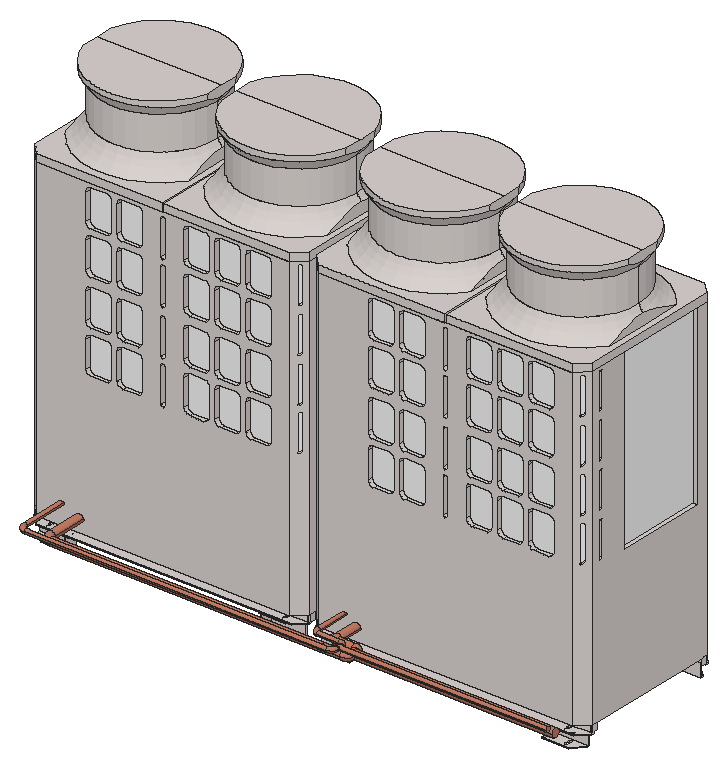
Revit family "PUHY-P700YSNW-A1", category Mechanical Equipment, Revit 2016 (continued)
Definition of nested family "PUHY-P350YNW-A1"
  Dimensions and locks
    cut or joined group 1 (Extrusion 1, Extrusion 2, Extrusion 3, Extrusion 4, Extrusion 5, Extrusion 6, Extrusion 7, Extrusion 8, Extrusion 9, Extrusion 10, Extrusion 11, Extrusion 12, Extrusion 13, Extrusion 14, Extrusion 15, Extrusion 16, Extrusion 17, Extrusion 18, Extrusion 19, Extrusion 20, Extrusion 21, Extrusion 22, Extrusion 23, Extrusion 24, Extrusion 25, Extrusion 26, Extrusion 27, Extrusion 28, Extrusion 29, Extrusion 30, Extrusion 31, Extrusion 32, Extrusion 33) to plane 12 to cut or joined group 1 = 805.000 mm, 621.000 mm
    plane 5 to plane 2 = 1858.000 mm  (x2)
    cut or joined group 1 to plane 19 "132" = 132.000 mm
    cut or joined group 1 to plane 22 = 207.000 mm
    cut or joined group 1 to plane 23 = 256.000 mm
    cut or joined group 1 to plane 6 = 60.000 mm
    cut or joined group 1 to cut or joined group 1 = 42.154 mm
    cut or joined group 1 to cut or joined group 1 = 11.895 mm
    nested 1 to nested 3 to level = 1798.000 mm, 60.000 mm
    nested 1 to nested 1 = 303.000 mm
    nested 1 to nested 3 = 1495.000 mm
    nested 8 to nested 8 to nested 8 to nested 7 to nested 7 to nested 7 = 54.000 mm, 20.000 mm, 592.000 mm, 20.000 mm, 54.000 mm
    nested 3 to nested 3 = 56.000 mm
    plane 11 to plane 31 to plane 32 to cut or joined group 1 = 90.000 mm, 1060.000 mm, 90.000 mm
    curve 103 to nested 7 = 90.000 mm
    curve 104 to nested 7 = 125.000 mm
    curve 101 to nested 7 = 100.000 mm
    curve 11 to curve 13 to nested 7 = 84.000 mm, 71.000 mm
    cut or joined group 1 to curve 12 to curve 14 = 125.000 mm, 148.000 mm
    nested 2 to nested 7 = 1495.000 mm
    curve 87 to cut or joined group 1 = 152.000 mm
    curve 88 to cut or joined group 1 = 172.000 mm
    curve 89 to cut or joined group 1 = 216.000 mm
    cut or joined group 1 to curve 4 to curve 2 = 128.000 mm, 150.000 mm
    cut or joined group 1 to curve 1 to curve 3 = 79.000 mm, 94.000 mm
    Extrusion 32 sketch curve to nested 7 = 116.000 mm
    cut or joined group 1 to Extrusion 32 sketch curve = 160.000 mm
    cut or joined group 1 to Extrusion 33 sketch curve = 243.000 mm
    Extrusion 33 sketch curve to nested 7 = 116.000 mm
    cut or joined group 1 to cut or joined group 1 = 740.000 mm
    plane 30 to plane 4 = 740.000 mm
    aligned and locked: level to plane 2
    aligned and locked: Extrusion 1 to plane 4
  Nested families
    nested 1: "FAN GUARD" at (-311.5, 2, 860), type "FAN GUARD"
      with WIDTH 870.000 mm
    nested 2: "FAN GUARD" at (311.5, 2, 860) x (-1, 0, 0) z (0, 0, 1), type "FAN GUARD"
      with WIDTH 870.000 mm
    nested 3: "ATTACHMENT LEG" at (-524, -349, 0), type "ATTACHMENT LEG"
    nested 4: "ATTACHMENT LEG" at (-524, 349, 0), type "ATTACHMENT LEG"
    nested 5: "ATTACHMENT LEG" at (524, -349, 0) x (-1, 0, 0) z (0, 0, 1), type "ATTACHMENT LEG"
    nested 6: "ATTACHMENT LEG" at (524, 349, 0) x (-1, 0, 0) z (0, 0, 1), type "ATTACHMENT LEG"
    nested 7: "BASE LEG_L_" at (0, -352, 60), type "BASE LEG_L_"
      with Width 1240.000 mm
    nested 8: "BASE LEG_L_" at (0, 352, 60), type "BASE LEG_L_"
      with Width 1240.000 mm
  Connectors
    piping at (-460, -191, 176), diameter 25.4, driven by "Liquid pipe_radius"
      settings: on cut or joined group 1, index 3, connector inside diameter 25.4 mm, connector length 0.000 mm, flow factor 0, pipe flow 0.0 L/s, pressure drop 0.0 Pa, fitting loss kfactor 0, connector angle 0.00°, fixture units 0, engagement length 0.000 mm, angle of deflection 0.00°, flow configuration 0, flow direction 0, fitting loss method 0, system type 22, joint type 0, gender type 0, connector reference index -1, connector utility 0, adjustable connector no, is connector primary yes, connector description "Refrigerant service valve<Liquid pipe>"
    piping at (-377, -191, 176), diameter 28.58, driven by "Gas pipe_radius"
      settings: on cut or joined group 1, index 4, connector inside diameter 28.58 mm, connector length 0.000 mm, flow factor 0, pipe flow 0.0 L/s, pressure drop 0.0 Pa, fitting loss kfactor 0, connector angle 0.00°, fixture units 0, engagement length 0.000 mm, angle of deflection 0.00°, flow configuration 0, flow direction 0, fitting loss method 0, system type 22, joint type 0, gender type 0, connector reference index -1, connector utility 0, adjustable connector no, is connector primary no, connector description "Refrigerant service valve<Gas>"
    electrical at (0, -370, 808)
      settings: on cut or joined group 1, index 5, voltage 0 V, apparent load 0 VA, apparent load phase1 0 VA, apparent load phase2 0 VA, apparent load phase3 0 VA, power factor 1, load classification none, number of poles 1, system type 30, power factor state 1, is connector primary yes, connector utility no, sub classification motor no, connector description ""
  Definition of nested family "FAN GUARD"
    Parameters
      WIDTH [instance] = 870.000 mm
    Reference planes
      plane 1 "中心(正面/背面)": y = -2
      plane 2: z = 0
      plane 3 "ファンガード基準面": z = 661
      plane 4: y = 368
      plane 5: x = 366
      plane 6: x = -375
      plane 7 "ファンガード基準上面": z = 695
      plane 8 "ファンガード上面": z = 998
      plane 9: x = -273.971
      plane 10: x = 308.5
      plane 11: x = -308.5
      plane 12: x = 0
    Forms (mm)
      Extrusion 1, solid
        sketch origin (85, 0, 661) x (-1, 0, 0) y (0, -1, 0)
          loop
            line (343.5, -368) -> (393.5, -318) -> (393.5, 322) -> (343.5, 372) -> (-223.5, 372) -> (-223.5, -368) -> (343.5, -368)
        from 0 to 34
      Revolve 2, solid
        sketch origin (0, -2, 0) x (1, 0, 0) y (0, 0, 1)
          loop
            line (0, 695) -> (0, 998) -> (-290, 998) -> (-290, 972.327) -> (-260, 928.372) -> (-260, 777.384)
            arc (-260, 777.384) -> (-290.651, 730.137) -> (-334.665, 695) r 175.882
            line (-334.665, 695) -> (0, 695)
          axis (0, 998) -> (0, 695)
        angle from 0 to 360
      Extrusion 3, void
        sketch origin (-840, 75, 695) x (-1, 0, 0) y (0, -1, 0)
          loop
            line (-410, -165) -> (-410, 315) -> (-561.253, 315) -> (-561.253, -165) -> (-410, -165)
        from -35 to 430.592
      Extrusion 4, void
        sketch origin (840, 75, 695) x (1, 0, 0) y (0, 1, 0)
          loop
            line (-410, 165) -> (-561.253, 165) -> (-561.253, -315) -> (-410, -315) -> (-410, 165)
        from 0 to 430.592
    Cuts and joins
      Extrusion 3, Extrusion 4 cuts Revolve 2
      Extrusion 4 cuts Extrusion 1
    Lines and regions (mm)
      model lines
        curve 1: line (-278.747, 0, 998) -> (-80, 0, 998)
        curve 2: line (80, 0, 998) -> (278.747, 0, 998)
        curve 3: circle (0, 0, 998) r 80 normal (0, 0, 1)
        curve 4: line (-278.747, -80, 998) -> (278.747, -80, 998)
        curve 5: line (-241.868, -160, 998) -> (241.868, -160, 998)
        curve 6: line (-162.788, -240, 998) -> (162.788, -240, 998)
        curve 7: line (-278.747, 80, 998) -> (278.747, 80, 998)
        curve 8: line (-241.868, 160, 998) -> (240, 160, 998)
        curve 9: line (-160, 240, 998) -> (162.788, 240, 998)
        curve 10: line (0, 290, 998) -> (0, -290, 998)
        curve 11: line (-20, 289.31, 998) -> (-20, -289.31, 998)
        curve 12: line (-40, 287.228, 998) -> (-40, -287.228, 998)
        curve 13: line (-60, 283.725, 998) -> (-60, -283.725, 998)
        curve 14: line (-80, 278.747, 998) -> (-80, -278.747, 998)
        curve 15: line (20, 289.31, 998) -> (20, -289.31, 998)
        curve 16: line (40, 287.228, 998) -> (40, -287.228, 998)
        curve 17: line (60, 283.725, 998) -> (60, -283.725, 998)
        curve 18: line (80, 278.747, 998) -> (80, -278.747, 998)
        curve 19: line (100, 272.213, 998) -> (100, -272.213, 998)
        curve 20: line (120, 264.008, 998) -> (120, -264.008, 998)
        curve 21: line (140, 253.969, 998) -> (140, -253.969, 998)
        curve 22: line (160, 241.868, 998) -> (160, -243.132, 998)
        curve 23: line (180, 227.376, 998) -> (180, -227.624, 998)
        curve 24: line (200, 210, 998) -> (200, -210, 998)
        curve 25: line (220, 188.944, 998) -> (220, -188.944, 998)
        curve 26: line (240, 160, 998) -> (240, -162.788, 998)
        curve 27: line (260, 128.452, 998) -> (260, -128.452, 998)
        curve 28: line (-100, 272.213, 998) -> (-100, -272.213, 998)
        curve 29: line (-120, 264.008, 998) -> (-120, -264.008, 998)
        curve 30: line (-140, 253.969, 998) -> (-140, -253.969, 998)
        curve 31: line (-160, 240, 998) -> (-160, -241.868, 998)
        curve 32: line (-180, 227.376, 998) -> (-180, -227.376, 998)
        curve 33: line (-200, 210, 998) -> (-200, -210, 998)
        curve 34: line (-220, 188.944, 998) -> (-220, -188.944, 998)
        curve 35: line (-240, 162.788, 998) -> (-240, -162.788, 998)
        curve 36: line (-260, 128.452, 998) -> (-260, -128.452, 998)
        curve 37: line (10, 79.373, 998) -> (10, -79.373, 998)
        curve 38: line (-10, 79.373, 998) -> (-10, -79.373, 998)
        curve 39: line (30, 74.162, 998) -> (30, -74.162, 998)
        curve 40: line (50, 62.45, 998) -> (50, -62.45, 998)
        curve 41: line (70, 38.73, 998) -> (70, -38.73, 998)
        curve 42: line (-30, 74.162, 998) -> (-30, -74.162, 998)
        curve 43: line (-50, 62.45, 998) -> (-50, -62.45, 998)
        curve 44: line (-70, 38.73, 998) -> (-70, -38.73, 998)
    Dimensions and locks
      locked: plane 8 "ファンガード上面" to plane 7 "ファンガード基準上面" at 303
      plane 8 "ファンガード上面" to plane 3 "ファンガード基準面" = 337.000 mm
      Revolve 2 sketch curve to Revolve 2 sketch curve = 290.000 mm
      Extrusion 1 sketch curve to Extrusion 1 sketch curve = 740.000 mm
      equal spacing: Extrusion 1 sketch curve, plane 1 "中心(正面/背面)", Extrusion 1 sketch curve
      plane 6 to plane 5 = 741.000 mm
      Extrusion 1 sketch curve to Extrusion 1 sketch curve = 617.000 mm
      plane 11 to plane 10 = 617.000 mm
      cut or joined group of Extrusion 1, Extrusion 4 to cut or joined group of Extrusion 1, Extrusion 4 = 617.000 mm
      cut or joined group of Extrusion 1, Extrusion 4 to cut or joined group of Extrusion 1, Extrusion 4 = 740.000 mm
      aligned and locked: level to plane 2
      aligned and locked: plane 7 "ファンガード基準上面" to Extrusion 1
      aligned and locked: plane 3 "ファンガード基準面" to Extrusion 1
      aligned and locked: cut or joined group of Revolve 2, Extrusion 3, Extrusion 4 to plane 8 "ファンガード上面"
  Definition of nested family "ATTACHMENT LEG"
    Parameters
      Width = 145.000 mm
    Reference planes
      plane 1: z = 0
      plane 2 "中心(左/右)": x = -6
      plane 3: x = -52
      plane 4: x = 85
      plane 5: x = 93
      plane 6: y = -21
      plane 7: y = 27
      plane 8: x = -30
      plane 9: y = 39
      plane 10: z = 60
      plane 11: z = 57
      plane 12: z = 3
      plane 13: x = 82
      plane 14: y = 36
      plane 15: x = -75
      plane 16: y = 31
      plane 17 "幅": x = 93
      plane 18: y = 2.5
      plane 19: y = 21
      plane 20: y = -10
    Forms (mm)
      Extrusion 1, solid
        sketch origin (0, -1, 0) x (1, 0, 0) y (0, 1, 0)
          loop
            line (-75, 36) -> (-75, 27) -> (-28, -20) -> (93, -20) -> (93, 32) -> (85, 32) -> (85, 36) -> (-75, 36)
        from 0 to 60
      Extrusion 2, void
        sketch origin (0, -3, 0) x (1, 0, 0) y (0, 0, 1)
          loop
            line (-75, 57) -> (-75, 3) -> (82, 3) -> (82, 57) -> (-75, 57)
          loop
            line (93, 57) -> (85, 57) -> (85, 3) -> (93, 3) -> (93, 57)
        from -35 to 18
      Extrusion 3, void
        sketch origin (-6, 5.5, 0) x (1, 0, 0) y (0, 1, 0)
          loop
            arc (-7, -8.5) -> (0, -15.5) -> (7, -8.5) r 7
            line (7, -8.5) -> (7, 8.5)
            arc (7, 8.5) -> (0, 15.5) -> (-7, 8.5) r 7
            line (-7, 8.5) -> (-7, -8.5)
        from 0 to 60
    Cuts and joins
      Extrusion 2, Extrusion 3 cuts Extrusion 1
    Dimensions and locks
      locked: plane 3 to plane 4 at 137
      locked: plane 3 to plane 5 at 145
      plane 6 to plane 7 = 48.000 mm
      locked: plane 10 to level at 60
      Extrusion 3 sketch curve to plane 2 "中心(左/右)" = 7.000 mm
      locked: plane 15 to plane 2 "中心(左/右)" at 69
      locked: plane 15 to plane 8 at 45
      locked: plane 6 to plane 18 at 23.5
      cut or joined group of Extrusion 1, Extrusion 2, Extrusion 3 to cut or joined group of Extrusion 1, Extrusion 2, Extrusion 3 = 168.000 mm
      cut or joined group of Extrusion 1, Extrusion 2, Extrusion 3 to cut or joined group of Extrusion 1, Extrusion 2, Extrusion 3 = 56.000 mm  (x2)
      plane 14 to plane 6 = 57.000 mm
      aligned and locked: level to plane 1
      aligned and locked: Extrusion 1 sketch curve to plane 4
      aligned and locked: Extrusion 1 sketch curve to plane 5
      aligned: plane 8 to Extrusion 1 sketch curve
      aligned and locked: plane 10 to Extrusion 1
      aligned and locked: Extrusion 2 sketch curve to plane 11
      aligned: plane 3 to Extrusion 2 sketch curve
      aligned and locked: plane 12 to Extrusion 2 sketch curve
      aligned and locked: Extrusion 2 sketch curve to plane 13
      aligned and locked: plane 6 to Extrusion 2
      aligned and locked: plane 11 to Extrusion 2 sketch curve
      aligned and locked: plane 5 to Extrusion 2 sketch curve
      aligned and locked: Extrusion 2 sketch curve to plane 12
      aligned and locked: Extrusion 2 sketch curve to plane 4
      aligned and locked: plane 15 to Extrusion 1 sketch curve
      aligned and locked: Extrusion 2 sketch curve to cut or joined group of Extrusion 1, Extrusion 2, Extrusion 3
      aligned and locked: Extrusion 1 to plane 16
  Definition of nested family "BASE LEG_L_"
    Parameters
      Width [instance] = 1240.000 mm
    Reference planes
      plane 1 "中心(正面/背面)": y = 0
      plane 2: z = 0
      plane 3 "中心(左/右)": x = 0
      plane 4: x = 620
      plane 5: x = -620
      plane 6: x = -530
      plane 7: x = 530
      plane 8: y = -18
      plane 9: y = 39
      plane 10: z = 53
      plane 11: y = 42
      plane 12: y = 27
      plane 13: x = 575
      plane 14: x = -575
      plane 15: z = 8
      plane 16: y = 11.5
      plane 17: z = 35
    Forms (mm)
      Extrusion 1, solid
        sketch origin (0, 0, 0) x (0, 1, 0) y (0, 0, 1)
          loop
            line (-18, 0) -> (36, 0) -> (36, 32) -> (56, 32) -> (56, 35) -> (33, 35) -> (33, 3) -> (-18, 3) -> (-18, 0)
        from -620 to 620
      Extrusion 2, void
        sketch origin (0, 0, 0) x (1, 0, 0) y (0, 1, 0)
          loop
            line (575, -18) -> (620, -18) -> (620, 27) -> (575, -18)
          loop
            line (-575, -18) -> (-620, 27) -> (-620, -18) -> (-575, -18)
        from 0 to 250
      Extrusion 3, void
        sketch origin (0, 12.023, 0) x (1, 0, 0) y (0, 1, 0)
          loop
            arc (523, -2.971) -> (530, -9.971) -> (537, -2.971) r 7
            line (537, -2.971) -> (537, 3.023)
            arc (537, 3.023) -> (530, 10.023) -> (523, 3.023) r 7
            line (523, 3.023) -> (523, -2.971)
          loop
            line (-523, -2.971) -> (-523, 3.023)
            arc (-523, 3.023) -> (-530, 10.023) -> (-537, 3.023) r 7
            line (-537, 3.023) -> (-537, -2.971)
            arc (-537, -2.971) -> (-530, -9.971) -> (-523, -2.971) r 7
        from 0 to 250
      Extrusion 4, solid
        sketch origin (0, 0, -3) x (1, 0, 0) y (0, 0, 1)
          loop
            line (617, 8) -> (620, 8) -> (620, 35) -> (617, 35) -> (617, 8)
          loop
            line (-617, 8) -> (-617, 35) -> (-620, 35) -> (-620, 8) -> (-617, 8)
        from -36 to -56
      Extrusion 5, solid
        sketch origin (150, 352, 0) x (1, 0, 0) y (0, 1, 0)
          loop
            line (460, -319) -> (455, -319) -> (455, -320) -> (405, -370) -> (410, -370) -> (460, -320) -> (460, -319)
        from 3 to 35
      Extrusion 6, void
        sketch origin (560, -18, 0) x (0.707107, 0.707107, 0) y (0, 0, 1)
          loop
            line (70.711, 3) -> (-6.741, 39.767) -> (-6.741, 3) -> (70.711, 3)
        from -190.256 to 23.776
      Extrusion 7, solid
        sketch origin (-150, 352, 0) x (-1, 0, 0) y (0, -1, 0)
          loop
            line (460, 319) -> (460, 320) -> (410, 370) -> (405, 370) -> (455, 320) -> (455, 319) -> (460, 319)
        from 3 to 35
      Extrusion 8, void
        sketch origin (-560, -18, 0) x (0.707107, -0.707107, 0) y (0, 0, -1)
          loop
            line (-70.711, -3) -> (0, -35) -> (6.741, -35) -> (6.741, -3) -> (-70.711, -3)
        from -190.256 to 23.776
    Cuts and joins
      Extrusion 2, Extrusion 3 cuts Extrusion 1
      joined: Extrusion 1, Extrusion 4
      Extrusion 8 cuts Extrusion 7
      Extrusion 6 cuts Extrusion 5
    Dimensions and locks
      "Width": plane 5 to plane 4
      equal spacing: plane 5, plane 3 "中心(左/右)", plane 4
      locked: plane 5 to plane 6 at 90
      locked: plane 7 to plane 4 at 90
      locked: plane 8 to plane 9 at 57
      locked: plane 10 to level at 53
      locked: plane 9 to plane 11 at 3
      plane 8 to plane 12 = 45.000 mm
      locked: plane 13 to plane 4 at 45
      locked: plane 5 to plane 14 at 45
      equal spacing: Extrusion 3 sketch curve, plane 7, Extrusion 3 sketch curve
      equal spacing: Extrusion 3 sketch curve, plane 6, Extrusion 3 sketch curve
      locked: plane 10 to plane 15 at 45
      locked: cut or joined group of Extrusion 1, Extrusion 2, Extrusion 3, Extrusion 4 to Extrusion 4 sketch curve at 3  (x2)
      locked: plane 8 to plane 16 at 29.5
      plane 8 to plane 11 = 60.000 mm
      cut or joined group of Extrusion 1, Extrusion 2, Extrusion 3, Extrusion 4 to cut or joined group of Extrusion 1, Extrusion 2, Extrusion 3, Extrusion 4 = 35.000 mm
      aligned and locked: level to plane 2
      aligned and locked: plane 8 to Extrusion 1 sketch curve
      aligned and locked: plane 4 to Extrusion 1
      aligned and locked: Extrusion 1 to plane 5
      aligned and locked: Extrusion 2 sketch curve to plane 4
      aligned and locked: Extrusion 2 sketch curve to plane 8
      aligned and locked: plane 12 to Extrusion 2 sketch curve
      aligned and locked: plane 13 to Extrusion 2 sketch curve
      aligned and locked: plane 4 to Extrusion 4 sketch curve
      aligned and locked: plane 5 to Extrusion 4 sketch curve
      aligned and locked: cut or joined group of Extrusion 7, Extrusion 8 to cut or joined group of Extrusion 1, Extrusion 2, Extrusion 3, Extrusion 4
    Automatic sketch dimensions
      Extrusion 3 sketch curve to plane 1 "中心(正面/背面)" = 9.052 mm  (x2)
      Extrusion 3 sketch curve to plane 7 = 7.000 mm
      Extrusion 3 sketch curve to plane 1 "中心(正面/背面)" = 15.046 mm  (x2)
      Extrusion 3 sketch curve to plane 6 = 7.000 mm
      Extrusion 2 sketch curve to plane 5 = 0.000 mm
      plane 8 to Extrusion 2 sketch curve = 0.000 mm
      Extrusion 2 sketch curve to plane 14 = 0.000 mm
      plane 12 to Extrusion 2 sketch curve = 0.000 mm
      Extrusion 4 sketch curve to plane 10 = 21.000 mm
      plane 7 to Extrusion 5 sketch curve = 25.000 mm
      Extrusion 5 sketch curve to Extrusion 5 sketch curve = 5.000 mm  (x2)
      plane 7 to Extrusion 5 sketch curve = 75.000 mm
      plane 8 to Extrusion 5 sketch curve = 0.000 mm
      Extrusion 5 sketch curve to Extrusion 5 sketch curve = 50.000 mm
      Extrusion 5 sketch curve to Extrusion 5 sketch curve = 0.000 mm
      Extrusion 5 sketch curve to Extrusion 5 sketch curve = 1.000 mm
      Extrusion 6 sketch curve to Extrusion 5 = 0.000 mm  (x2)
      Extrusion 6 sketch curve to Extrusion 5 = 6.741 mm
      Extrusion 6 sketch curve to Extrusion 5 = 4.767 mm
      plane 6 to Extrusion 7 sketch curve = 25.000 mm
      Extrusion 7 sketch curve to Extrusion 7 sketch curve = 5.000 mm  (x2)
      Extrusion 7 sketch curve to Extrusion 7 sketch curve = 45.000 mm
      Extrusion 7 sketch curve to plane 8 = 0.000 mm
      Extrusion 7 sketch curve to Extrusion 7 sketch curve = 50.000 mm
      Extrusion 7 sketch curve to Extrusion 7 sketch curve = 0.000 mm
      Extrusion 7 sketch curve to Extrusion 7 sketch curve = 1.000 mm
      Extrusion 8 sketch curve to Extrusion 7 = 0.000 mm  (x2)
      Extrusion 7 to Extrusion 8 sketch curve = 0.000 mm  (x2)
      Extrusion 7 to Extrusion 8 sketch curve = 6.741 mm
      Extrusion 4 sketch curve to plane 17 = 3.000 mm
      Extrusion 4 sketch curve to plane 15 = 3.000 mm  (x2)
      Extrusion 1 sketch curve to plane 17 = 0.000 mm
      Extrusion 1 sketch curve to level = 0.000 mm
      level to Extrusion 1 sketch curve = 3.000 mm
      plane 9 to Extrusion 1 sketch curve = 6.000 mm
      plane 9 to Extrusion 1 sketch curve = 3.000 mm
      Extrusion 1 sketch curve to plane 17 = 3.000 mm
      Extrusion 1 sketch curve to plane 11 = 14.000 mm
Types (6, lengths in mm): name | Voltage | Hertz | Heating Rated Load Ampacity (A) | Heating Current Input (Nominal) (A) | Heating Current Input (A) | Cooling Rated Load Ampacity (A) | Cooling Current Input (A)
  PUHY-P700YSNW-A1_380V_50Hz | 380 V | 50 Hz | 35.3 | 30.1 | 35.3 | 38.1 | 38.1
  PUHY-P700YSNW-A1_380V_60Hz | 380 V | 60 Hz | 35.3 | 30.1 | 35.3 | 38.1 | 38.1
  PUHY-P700YSNW-A1_400V_50Hz | 400 V | 50 Hz | 33.5 | 28.6 | 33.5 | 36.2 | 36.2
  PUHY-P700YSNW-A1_400V_60Hz | 400 V | 60 Hz | 33.5 | 28.6 | 33.5 | 36.2 | 36.2
  PUHY-P700YSNW-A1_415V_50Hz | 415 V | 50 Hz | 32.3 | 27.5 | 32.3 | 34.9 | 34.9
  PUHY-P700YSNW-A1_415V_60Hz | 415 V | 60 Hz | 32.3 | 27.5 | 32.3 | 34.9 | 34.9
